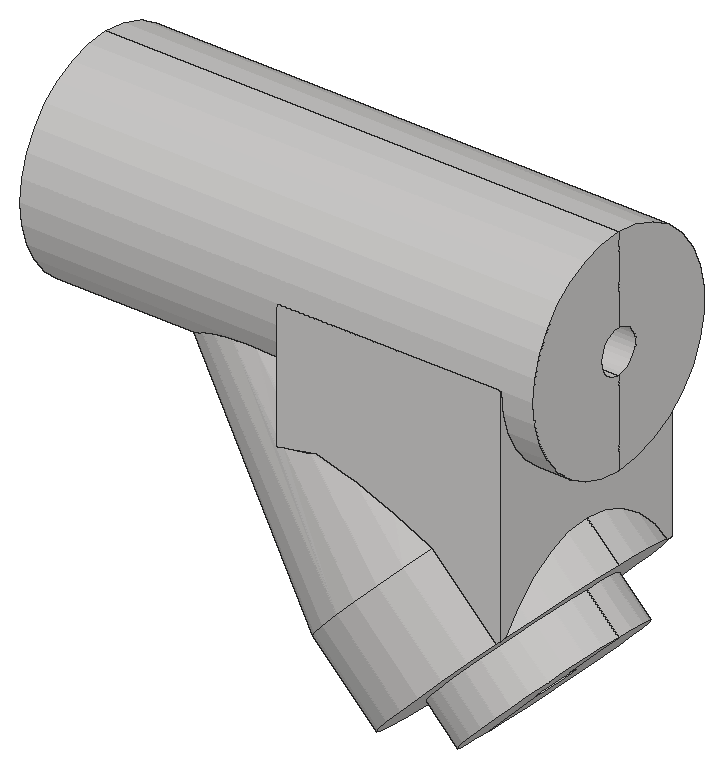
Revit family "Wye_Pattern_Strainers-Backflow_Preventor-WATTS-88S", category Pipe Accessories, Revit 2014
Parameters (values of type "88S - 0.25"")
  Width = 1 1/4"
  Weight = "1.3/0.5 (LB/KG)"
  Waste Connection = no
  Warranty Information = "1 Year Limited Warranty"  # constant formula
  Vent Connection = no
  URL = "http://www.watts.com/"
  Region = "North America"  # constant formula
  Product Page URL = "http://www.watts.com/pages/_products_details.asp?pid=837"
  Product Documentation Link = "http://media.wattswater.com/es-88s.pdf"
  Price = "Prices may vary. Please consult Manufacturer Representative for most up-to-date price list."  # constant formula
  Nominal Radius 2 = 205/256"
  Nominal Height = 1 115/256"
  Nominal Depth = 13/128"
  NPT Radius = 1/8"
  NPT Diameter = NPT Radius * 2  # 1/4"
  Model = "88S"  # constant formula
  Max. Working Pressure = "600psi (41.4 bar) at 489°F (254°C) WSP 1440psi (99.3 bar) at 100°F (38°C) WOG"  # constant formula
  Material = "Metal-WATTS-Class 600-Stainless Steel"  # constant formula
  Manufacturer Product Line = "Strainers"  # constant formula
  Manufacturer = "WATTS"  # constant formula
  HW Connection = no
  Finish = Metal-WATTS-Class 600-Stainless Steel
  Description = "Stainless Steel, Wye-Pattern Strainers"  # constant formula
  Creation Date = "08/01/2018"  # constant formula
  Country = "United States"  # constant formula
  Connection Size = Connection Radius * 2  # 1/4"
  Connection Radius = 1/8"
  Connection Outlet Description = "1/4\" NPT Flanged Outlet"
  Connection Inlet Description = "1/4\" NPT Flanged Inlet"
  CW Connection = yes
  B = 2 1/4"
  Assembly Code = "F1050"
  Angle = 15.00°
  A = 3"
Types (9): name | Width | Weight | Nominal Radius 2 | Nominal Height | Nominal Depth | NPT Radius | NPT Diameter | Connection Size | Connection Radius | Connection Outlet Description | Connection Inlet Description | B | Angle | A
  (no name) | 1 1/4" | "1.3/0.5 (LB/KG)" | 205/256" | 1 115/256" | 13/128" | 1/8" | 1/4" | 1/4" | 1/8" | "1/4\" NPT Flanged Outlet" | "1/4\" NPT Flanged Inlet" | 2 1/4" | 15.00° | 3"
  88S - 0.25" | 1 1/4" | "1.3/0.5 (LB/KG)" | 205/256" | 1 115/256" | 13/128" | 1/8" | 1/4" | 1/4" | 1/8" | "1/4\" NPT Flanged Outlet" | "1/4\" NPT Flanged Inlet" | 2 1/4" | 15.00° | 3"
  88S - 0.375" | 1 1/4" | "1.3/0.5 (LB/KG)" | 205/256" | 1 115/256" | 13/128" | 1/8" | 1/4" | 3/8" | 3/16" | "3/8\" NPT Flanged Outlet" | "3/8\" NPT Flanged Inlet" | 2 1/4" | 19.00° | 3"
  88S - 0.5" | 1 1/4" | "2.1/0.9 (LB/KG)" | 205/256" | 1 115/256" | 13/128" | 1/8" | 1/4" | 1/2" | 1/4" | "1/2\" NPT Flanged Outlet" | "1/2\" NPT Flanged Inlet" | 2 5/8" | 20.00° | 3 13/16"
  88S - 0.75" | 1 1/2" | "3/1.3 (LB/KG)" | 57/64" | 1 87/128" | 13/128" | 3/16" | 3/8" | 3/4" | 3/8" | "3/4\" NPT Flanged Outlet" | "3/4\" NPT Flanged Inlet" | 3 3/16" | 20.00° | 4 3/8"
  88S - 1" | 1 3/4" | "4.5/2 (LB/KG)" | 1 17/256" | 1 177/256" | 13/128" | 1/4" | 1/2" | 1" | 1/2" | "1\" NPT Flanged Outlet" | "1\" NPT Flanged Inlet" | 3 3/4" | 23.103° | 5 3/16"
  88S - 1.25" | 2" | "5.8/2.6 (LB/KG)" | 1 35/128" | 2 51/128" | 19/256" | 3/8" | 3/4" | 1 1/4" | 5/8" | "1-1/4\" NPT Flanged Outlet" | "1-1/4\" NPT Flanged Inlet" | 4 7/8" | 15.00° | 5 5/8"
  88S - 1.5" | 2 1/2" | "7/3.1 (LB/KG)" | 1 3/8" | 2 133/256" | 13/128" | 3/8" | 3/4" | 1 1/2" | 3/4" | "1-1/2\" NPT Flanged Outlet" | "1-1/2\" NPT Flanged Inlet" | 5" | 18.00° | 6 1/4"
  88S - 2" | 2 1/2" | "10/4.5 (LB/KG)" | 1 3/8" | 2 133/256" | 13/128" | 1/2" | 1" | 2" | 1" | "2\" NPT Flanged Outlet" | "2\" NPT Flanged Inlet" | 6 1/8" | 18.00° | 7 1/2"
Reference planes (in)
  plane 1 "Center (Front/Back)": y = 0
  plane 2: z = 0
  plane 3 "Center (Left/Right)": x = 0
  plane 4: x = -1.5
  plane 5: x = 1.5
  plane 6: z = 0.125
  plane 7: z = -0.125
  plane 8: z = 0.625
  plane 9: z = -0.625
  plane 10: x = 0.75
  plane 11: x = 0.375
  plane 12: x = 1.125
  plane 13: x = 0.9375
  plane 14: x = -0.75
  plane 15: x = -1.125
  plane 16: x = -0.9375
  plane 17: z = 0.375
  plane 18: x = -0.375
  plane 19: z = -2.25
  plane 20: x = 0.75
  plane 21: x = 0.375
  plane 22: y = 0.625
  plane 23: y = -0.625
  plane 24: y = -0.52344
  plane 25: y = 0.52344
  plane 26: y = -0.125
  plane 27: y = 0.125
  plane 28: y = -0.375
  plane 29: y = 0.375
  plane 30: x = -1.59375
  plane 31: x = 1.59375
  plane 32: y = -2
  plane 33: y = -0.25
  plane 34: y = 0.25
  plane 35: through (1.125, -180, -1.875) normal (-0.7071, 0, -0.7071)
Forms (in)
  Revolve 1, solid, material "Metal-WATTS-Class 600-Stainless Steel"
    sketch origin (0, 0, 0) x (1, 0, 0) y (0, 0, 1)
      loop
        line (-1.5, 0.125) -> (1.5, 0.125) -> (1.5, 0.625) -> (-1.5, 0.625) -> (-1.5, 0.125)
      axis (1.5, 0) -> (-1.5, 0)
    angle from 0 to 360
  Revolve 2, solid, material "Metal-WATTS-Class 600-Stainless Steel"
    sketch origin (0, 0, 0) x (1, 0, 0) y (0, 0, 1)
      loop
        line (0.75, -2.25) -> (1.03661, -1.96339) -> (-1.08139, 0.15461) -> (-1.22226, 0.01375) -> (0, -1.875) -> (0.375, -2.25) -> (0.5625, -2.0625) -> (0.75, -2.25)
      axis (1.125, -1.875) -> (-0.993, 0.243)
    angle from 0 to 360
  Extrusion 3, solid, material "Metal-WATTS-Class 600-Stainless Steel"
    sketch origin (0, 0, 0) x (1, 0, 0) y (0, 0, 1)
      loop
        line (1.3125, -1.3125) -> (1.3125, 0) -> (0, 0) -> (0, -0.75) -> (0.9375, -1.6875) -> (1.3125, -1.3125)
    from -0.625 to 0.625
Cuts and joins
  joined: Revolve 1, Revolve 2, Extrusion 3
Lines and regions (in)
  Masking region 1, detail levels fine
    outline origin (0, 0, 0) x (1, 0, 0) y (0, 1, 0)
      loop
        line (-1.5, 0.625) -> (-1.5, -0.625) -> (1.5, -0.625) -> (1.5, 0.625) -> (-1.5, 0.625)
Dimensions and locks (in)
  "Connection Size": plane 6 to plane 7
  "Width": plane 8 to plane 9
  equal spacing: plane 8, level, plane 9
  equal spacing: plane 5, plane 10, plane 3 "Center (Left/Right)"
  equal spacing: plane 10, plane 11, plane 3 "Center (Left/Right)"
  equal spacing: plane 5, plane 12, plane 10
  equal spacing: plane 12, plane 13, plane 10
  equal spacing: plane 3 "Center (Left/Right)", plane 14, plane 4
  equal spacing: plane 4, plane 15, plane 14
  equal spacing: plane 14, plane 16, plane 15
  equal spacing: plane 8, plane 17, plane 6
  equal spacing: plane 3 "Center (Left/Right)", plane 18, plane 14
  "A": plane 5 to plane 4
  equal spacing: plane 4, plane 3 "Center (Left/Right)", plane 5
  "B": level to plane 19
  equal spacing: plane 3 "Center (Left/Right)", plane 20, plane 5
  equal spacing: plane 20, plane 21, plane 3 "Center (Left/Right)"
  "NPT Radius": Revolve 2 sketch curve to Revolve 2 sketch curve
  equal spacing: plane 6, level, plane 7
  locked: Revolve 2 sketch curve to Revolve 2 sketch curve at 0.19922
  "Width": plane 22 to plane 23
  equal spacing: plane 22, plane 1 "Center (Front/Back)", plane 23
  "Nominal Depth": plane 22 to plane 25
  "Nominal Depth": plane 23 to plane 24
  "Connection Size": plane 27 to plane 26
  equal spacing: plane 27, plane 1 "Center (Front/Back)", plane 26
  equal spacing: plane 23, plane 28, plane 26
  equal spacing: plane 22, plane 29, plane 27
  locked: plane 19 to Revolve 2 sketch curve (angle 45.00°)  (x2)
  locked: Revolve 2 sketch curve to plane 19 (angle 45.00°)  (x2)
  locked: plane 35 to plane 19 (angle 45.00°)
  locked: plane 31 to plane 35 (angle 45.00°)
  aligned and locked: plane 6 to Revolve 1 sketch curve
  aligned and locked: plane 4 to Revolve 1 sketch curve
  aligned and locked: plane 5 to Revolve 1 sketch curve
  aligned and locked: plane 8 to Revolve 1 sketch curve
  aligned and locked: plane 19 to Revolve 2 sketch curve  (x3)
  aligned and locked: plane 20 to Revolve 2 sketch curve
  aligned and locked: plane 5 to Revolve 2 sketch curve
  aligned and locked: plane 21 to Revolve 2 sketch curve
  aligned and locked: plane 3 "Center (Left/Right)" to Revolve 2 sketch curve
  aligned and locked: plane 23 to Masking region 1 sketch curve
  aligned and locked: Masking region 1 sketch curve to plane 4
  aligned and locked: plane 22 to Masking region 1 sketch curve
  aligned and locked: plane 5 to Masking region 1 sketch curve
  aligned and locked: level to Extrusion 3 sketch curve
  aligned and locked: Extrusion 3 sketch curve to Revolve 2  (x2)
  aligned and locked: Masking region 1 to Extrusion 3  (x2)
  aligned and locked: plane 35 to Extrusion 3 sketch curve
  aligned and locked: Extrusion 3 sketch curve to plane 3 "Center (Left/Right)"
Automatic sketch dimensions
  Revolve 2 sketch curve to plane 7 = 0.13875"
  Revolve 1 sketch curve to level = 0"
  Revolve 1 sketch curve to plane 30 = 0.81228"
  Revolve 1 sketch curve to Revolve 1 sketch curve = 0.42846"
Connectors (in)
  piping at (1.5, 0, 0), diameter 0.25, driven by "Connection Radius", driven by "Connection Outlet Description"
    settings: on Revolve 1, index 1, connector inside diameter 1/4", connector length 0", flow factor 0, pipe flow 0 GPM, pressure drop 0.00 psi, fitting loss kfactor 0, connector angle 0.00°, fixture units 0, engagement length 0", angle of deflection 0.00°, flow configuration 0, flow direction 2, fitting loss method 0, system type 29, joint type 0, gender type 0, connector reference index 2, connector utility 0, adjustable connector no, is connector primary no, connector description "1/4\" NPT Flanged Outlet"
  piping at (-1.5, 0, 0), diameter 0.25, driven by "Connection Radius", driven by "Connection Inlet Description"
    settings: on Revolve 1, index 2, connector inside diameter 1/4", connector length 0", flow factor 0, pipe flow 0 GPM, pressure drop 0.00 psi, fitting loss kfactor 0, connector angle 0.00°, fixture units 0, engagement length 0", angle of deflection 0.00°, flow configuration 0, flow direction 1, fitting loss method 0, system type 29, joint type 0, gender type 0, connector reference index 1, connector utility 0, adjustable connector no, is connector primary yes, connector description "1/4\" NPT Flanged Inlet"
